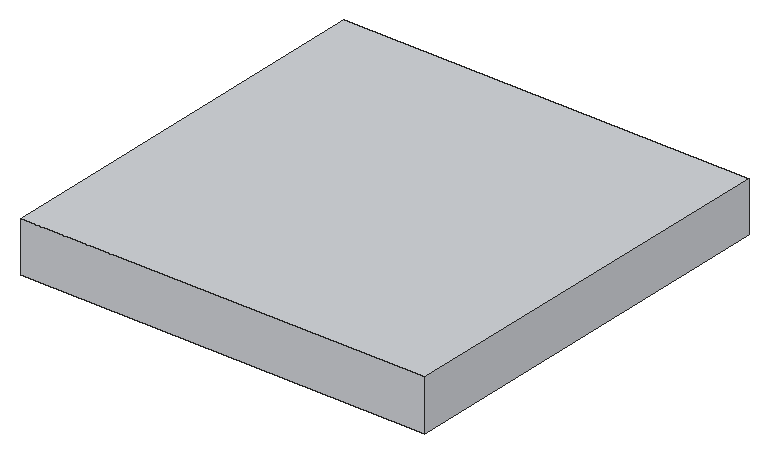
Revit family "Sanitary_Sanitary-Accessories_DELABIE_511930C-Be-line-removable-lift-up-shower", category Modèles génériques, Revit 2018
Family settings
  Hôte = Face
  Peut héberger une armature = Non
  Cote de connecteur circulaire = Utiliser le diamètre
  Type d'élément = Normal
  Couper avec des vides une fois chargée = Non
  Partagée = Non
  Point de calcul de pièce = Non
Parameters
  Default Elevation = 1219.2 mm
Reference planes
  plane 1 "Centre (avant/arrière)": y = 0
  plane 2: z = 0
  plane 3 "Centre (gauche/droite)": x = 0
Forms (mm)
  Extrusion 1, solid
    sketch origin (0, 0, 0) x (1, 0, 0) y (0, 1, 0)
      loop
        line (-1219.2, 1219.2) -> (-1219.2, -1219.2) -> (1219.2, -1219.2) -> (1219.2, 1219.2) -> (-1219.2, 1219.2)
    from 0 to -304.8
Dimensions and locks
  aligned and locked: plane 2 to Extrusion 1
  aligned and locked: level to Extrusion 1
Nested families
  nested 1: "Sanitary_Sanitary-Accessories_DELABIE_511930C-Be-line-removable-lift-up-shower" at (0, 0, 0), type "Default"
Definition of nested family "Sanitary_Sanitary-Accessories_DELABIE_511930C-Be-line-removable-lift-up-shower"
  Parameters (values of type "Default")
    Youtube clip = ""
    Uniformat II Description = ""
    Uniformat II Code = ""
    Uniclass 2015 Name = "Sanitary seats"
    Uniclass 2015 Code = "Pr_40_50_51_75"
    Uniclass 2.0 Description = ""
    Uniclass 2.0 Code = ""
    Uniclass 1.4 Description = ""
    Uniclass 1.4 Code = ""
    UNSPSC Code = "301815"
    Technical description = "https://www.delabie.com/products/511930C"
    Region South America = "AR, BO, BR, CL, CO, EC, FK, GF, GY, PE, PY, SR, UY, VE"
    Region Oceania = "AU, FJ, NC, NZ, PG, SB, TL, VU"
    Region North America = "BS, BZ, CA, CR, CU, DO, GL, GT, HN, HT, JM, MX, NI, PA, PR, SV, TT, US"
    Region Middle East = "AE, AF, EG, IL, IQ, IR, JO, KW, LB, OM, PS, QA, SA, SY, TR, YE"
    Region Europe = "AL, AT, BA, BE, BG, BY, CH, CY, CZ, DE, DK, EE, ES, FI, FR, GB, GR, HR, HU, IE, IS, IT, LT, LU, LV, MD, ME, MK, NL, NO, PL, PT, RO, RS, RU, SE, SI, SJ, SK, UA"
    Region Asia = "AM, AZ, BD, BN, BT, CN, GE, ID, IN, JP, KG, KH, KP, KR, KZ, LA, LK, MM, MN, MY, NP, PH, PK, TH, TJ, TM, TW, UZ, VN"
    Region Antarctica = "TF"
    Region Africa = "AO, BF, BI, BJ, BW, CD, CF, CG, CI, CM, DJ, DZ, EH, ER, ET, GA, GH, GM, GN, GQ, GW, KE, LR, LS, LY, MA, MG, ML, MR, MW, MZ, NA, NE, NG, RW, SD, SL, SN, SO, SS, SZ, TD, TG, TN, TZ, UG, ZA, ZM, ZW"
    QR code = "http://bimobject.com/delabie/product/511930C"
    Product url = "https://www.delabie.com/products/511930C"
    Product name = "511930C Be line  removable lift up shower seat with leg"
    Product group = "Accessibility"
    Product family = "Sanitary"
    Product data url = "https://bimobject.com/delabie/product/511930C"
    Product certification = "https://www.delabie.com/products/511930C"
    Product SKU = "511930C"
    Product Guid = "ff32d7d6-0069-49a9-a7d0-970eef313e73"
    OmniClass Description = "Shower Seats"
    OmniClass Code = "23-31 17 23"
    NBS Reference Description = ""
    NBS Reference Code = ""
    Material secondary = ""
    Material main = "Aluminium"
    Masterformat 2014 Description = ""
    Masterformat 2014 Code = ""
    Manufacturer name = "DELABIE"
    Manufacturer country = ""
    Installation instructions = "https://www.delabie.com/products/511930C"
    IFC Classification = "Furnishing Element"
    GTIN code = "https://3456330182744"
    Edition number = 1
    Design country = ""
    Date of publishing = ""
    COBIe Type Category = ""
    Brand url = "http://www.delabie.com"
    BOS_1_Visibility = yes
    BOS_1_Material = none
    BOS_0_Visibility = yes
    BOS_0_Material = none
    BIMobject main category code = "sanitary"
    BIMobject main category = "Sanitary"
    BIMobject category code = "sanitary-accessories1"
    BIMobject category = "Sanitary Accessories"
  Reference planes
    plane 1 "Center Front/Back": y = 0
    plane 2: z = 0
    plane 3 "Center Left/Right": x = 0
  Dimensions and locks
    aligned and locked: level to plane 2
  Imported bodies without a history: 1
